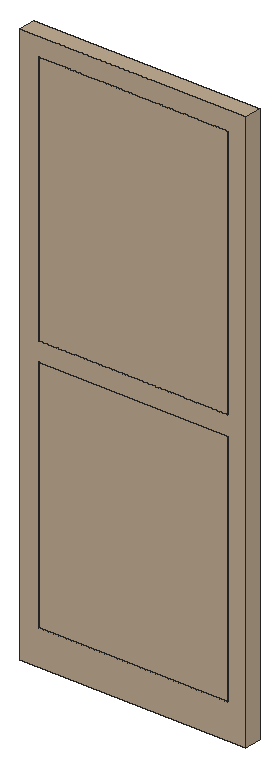
Revit family "WST_A3-Shutter(high-res)", category Generic Models, host Wall, Revit 2016
Family settings
  Host = Wall
  Part Type = Normal
  Can host rebar = No
  Round Connector Dimension = Use Diameter
  Always vertical = Yes
  Cut with Voids When Loaded = No
  Shared = No
  Room Calculation Point = No
Parameters (values of type "24" x 60" Shutter")
  Height = 5' - 0"
  Top Of Window = 7' - 0"
  Width = 2' - 0"
Types (4): name | Height | Width
  (no name) | 5' - 0" | 2' - 0"
  18" x 48" Shutter | 4' - 0" | 1' - 6"
  24" x 60" Shutter | 5' - 0" | 2' - 0"
  12" x 36" Shutter | 3' - 0" | 1' - 0"
Reference planes (in)
  plane 1: y = 0
  plane 2: y = 3
  plane 3: x = -2.40699
  plane 4: z = 84
  plane 5: z = 24
  plane 6 "Right": x = -14.40699
  plane 7 "Left": x = 9.59301
  plane 8: z = 54
  plane 9: x = 7.59301
  plane 10: z = 27.75
  plane 11: x = -12.40699
  plane 12 "T O S": z = 82
  plane 13: z = 55
  plane 14: z = 53
  plane 15 "B O S": z = 79.75
  plane 16: y = 3.49736
  plane 17: y = 3.99736
  plane 18: z = 77.5
  plane 19: z = 73
  plane 20: z = 75.25
  plane 21: z = 70.75
  plane 22: z = 68.5
  plane 23: z = 66.25
  plane 24: z = 64
  plane 25: z = 61.75
  plane 26: z = 59.5
  plane 27: z = 57.25
  plane 28: z = 50.70455
  plane 29: z = 46.11364
  plane 30: z = 43.81818
  plane 31: z = 41.52273
  plane 32: z = 39.22727
  plane 33: z = 36.93182
  plane 34: z = 34.63636
  plane 35: z = 32.34091
  plane 36: z = 30.04545
  plane 37: z = 48.40909
Forms (in)
  Extrusion 1, solid, material "Timber"
    sketch origin (-60, 3, 0) x (-1, 0, 0) y (0, 0, 1)
      loop
        line (-69.59301, 84) -> (-69.59301, 24) -> (-45.59301, 24) -> (-45.59301, 84) -> (-69.59301, 84)
      loop
        line (-67.59301, 82) -> (-67.59301, 55) -> (-47.59301, 55) -> (-47.59301, 82) -> (-67.59301, 82)
      loop
        line (-67.59301, 53) -> (-67.59301, 27.75) -> (-47.59301, 27.75) -> (-47.59301, 53) -> (-67.59301, 53)
    from 0 to 1.75
  Sweep 2, solid, material "Timber"
    path origin (0, 0, 0) x (1, 0, 0) y (0, 1, 0)
      loop
        line (-12.40699, 3) -> (7.59301, 3)
    profile origin (-2.40699, 0, 0) x (0, 1, 0) y (0, 0, 1)
      loop
        line (3, 82) -> (3, 55) -> (3.99736, 55) -> (3.49736, 57.25) -> (3.99736, 57.25) -> (3.49736, 59.5) -> (3.99736, 59.5) -> (3.49736, 61.75) -> (3.99736, 61.75) -> (3.49736, 64) -> (3.99736, 64) -> (3.49736, 66.25) -> (3.99736, 66.25) -> (3.49736, 68.5) -> (3.99736, 68.5) -> (3.49736, 70.75) -> (3.99736, 70.75) -> (3.49736, 73) -> (3.99736, 73) -> (3.49736, 75.25) -> (3.99736, 75.25) -> (3.49736, 77.5) -> (3.99736, 77.5) -> (3.49736, 79.75) -> (3.99736, 79.75) -> (3.49736, 82) -> (3, 82)
  Sweep 3, solid, material "Timber"
    path origin (0, 0, 0) x (1, 0, 0) y (0, 1, 0)
      loop
        line (-12.40699, 3) -> (7.59301, 3)
    profile origin (-2.40699, 0, 0) x (0, 1, 0) y (0, 0, 1)
      loop
        line (3, 53) -> (3, 27.75) -> (3.99736, 27.75) -> (3.49736, 30.04545) -> (3.99736, 30.04545) -> (3.49736, 32.34091) -> (3.99736, 32.34091) -> (3.49736, 34.63636) -> (3.99736, 34.63636) -> (3.49736, 36.93182) -> (3.99736, 36.93182) -> (3.49736, 39.22727) -> (3.99736, 39.22727) -> (3.49736, 41.52273) -> (3.99736, 41.52273) -> (3.49736, 43.81818) -> (3.99736, 43.81818) -> (3.49736, 46.11364) -> (3.99736, 46.11364) -> (3.49736, 48.40909) -> (3.99736, 48.40909) -> (3.49736, 50.70455) -> (3.99736, 50.70455) -> (3.49736, 53) -> (3, 53)
Lines and regions (in)
  model lines
    curve 1: line (-12.40699, 4.75, 27.75) -> (7.59301, 4.75, 27.75)
    curve 2: line (-12.40699, 4.75, 53) -> (-12.40699, 4.75, 27.75)
Text (in)
  text "Placement Side" at (0, 40.15149, 123.01588), in view "Right"
  text "Placement Side" at (-46.64323, 13.40105, 0), in view "Ref. Level"
  text "Placement Side" at (0, 47.49176, 140.59947), in view "Left"
Dimensions and locks (in)
  locked: plane 2 to host wall at 0
  "Top Of Window": level to plane 4
  equal spacing: plane 7 "Left", plane 3, plane 6 "Right"
  "Width": plane 7 "Left" to plane 6 "Right"
  "Height": plane 5 to plane 4
  equal spacing: plane 5, plane 8, plane 4
  locked: plane 5 to plane 10 at 3.75
  plane 12 "T O S" to plane 4 = 0' - 2"
  locked: plane 7 "Left" to plane 9 at 2
  locked: plane 11 to plane 6 "Right" at 2
  equal spacing: plane 14, plane 8, plane 13
  locked: plane 14 to plane 13 at 2
  plane 2 to plane 16 to plane 17 = 0' - 0.49736" locked, 0' - 0 1/2" locked
  equal spacing: plane 13, plane 27, plane 26, plane 25, plane 24, plane 23, plane 22, plane 21, plane 19, plane 20, plane 18, plane 15 "B O S", plane 12 "T O S"
  equal spacing: plane 10, plane 36, plane 35, plane 34, plane 33, plane 32, plane 31, plane 30, plane 29, plane 37, plane 28, plane 14
  aligned and locked: plane 7 "Left" to Extrusion 1 sketch curve
  aligned and locked: plane 4 to Extrusion 1 sketch curve
  aligned and locked: plane 5 to Extrusion 1 sketch curve
  aligned and locked: plane 6 "Right" to Extrusion 1 sketch curve
  aligned and locked: plane 11 to curve 1
  aligned and locked: curve 1 to plane 10
  aligned and locked: Extrusion 1 sketch curve to curve 1
  aligned and locked: Extrusion 1 sketch curve to curve 2
  aligned and locked: Sweep 2 sketch curve to Extrusion 1  (x3)
  aligned and locked: plane 12 "T O S" to Sweep 2 sketch curve
  aligned and locked: host wall to Sweep 2 sketch curve
  aligned and locked: plane 15 "B O S" to Sweep 2 sketch curve
  aligned and locked: plane 18 to Sweep 2 sketch curve
  aligned and locked: plane 20 to Sweep 2 sketch curve
  aligned and locked: plane 19 to Sweep 2 sketch curve
  aligned and locked: plane 21 to Sweep 2 sketch curve
  aligned and locked: plane 22 to Sweep 2 sketch curve
  aligned and locked: plane 23 to Sweep 2 sketch curve
  aligned and locked: plane 24 to Sweep 2 sketch curve
  aligned and locked: plane 25 to Sweep 2 sketch curve
  aligned and locked: plane 26 to Sweep 2 sketch curve
  aligned and locked: plane 27 to Sweep 2 sketch curve
  aligned and locked: Sweep 2 sketch curve to plane 13
  aligned and locked: Sweep 3 sketch curve to Extrusion 1  (x3)
  aligned and locked: plane 14 to Sweep 3 sketch curve
  aligned and locked: Sweep 3 sketch curve to plane 28
  aligned and locked: Sweep 3 sketch curve to plane 37
  aligned and locked: Sweep 3 sketch curve to plane 29
  aligned and locked: Sweep 3 sketch curve to plane 30
  aligned and locked: Sweep 3 sketch curve to plane 31
  aligned and locked: Sweep 3 sketch curve to plane 32
  aligned and locked: Sweep 3 sketch curve to plane 33
  aligned and locked: Sweep 3 sketch curve to plane 34
  aligned and locked: Sweep 3 sketch curve to plane 35
  aligned and locked: Sweep 3 sketch curve to plane 36
  aligned and locked: Sweep 3 sketch curve to plane 10
Automatic sketch dimensions
  Extrusion 1 sketch curve to plane 9 = 0' - 0"  (x2)
  Extrusion 1 sketch curve to plane 11 = 0' - 0"
  Extrusion 1 sketch curve to plane 13 = 0' - 0"
  Extrusion 1 sketch curve to plane 12 "T O S" = 0' - 0"
  curve 2 to plane 14 = 0' - 0"
  curve 1 to plane 9 = 0' - 0"
  Extrusion 1 sketch curve to plane 14 = 0' - 0"
  Sweep 2 sketch curve to profile plane = 0' - 0.49736"  (x12)
  Sweep 2 sketch curve to Sweep 2 sketch curve = 0' - 0 1/2"  (x11)
  Sweep 2 sketch curve to profile plane = 0' - 0.99736"
  Sweep 3 sketch curve to profile plane = 0' - 0"
  Sweep 3 sketch curve to profile plane = 0' - 0.49736"  (x11)
  Sweep 3 sketch curve to Sweep 3 sketch curve = 0' - 0 1/2"  (x10)
  Sweep 3 sketch curve to profile plane = 0' - 0.99736"
